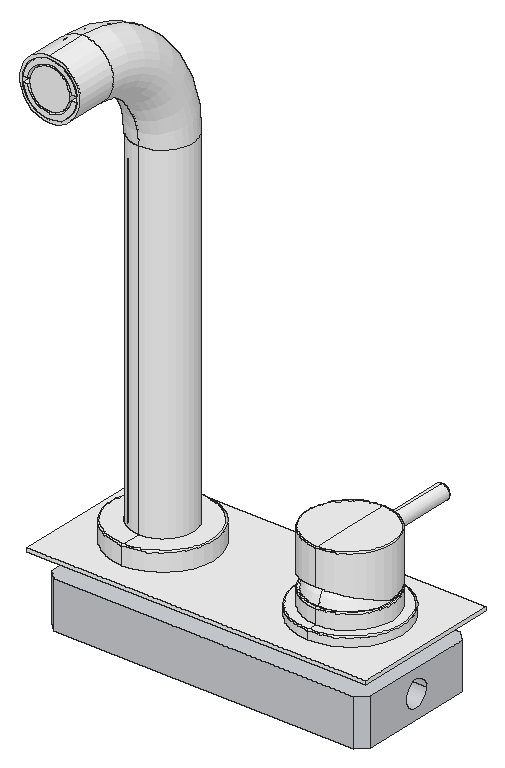
Revit family "Reece_Tap_Sussex_Scala_Curved_Basin Mixer System_32 mm", category Plumbing Fixtures, host Face, Revit 2018
Family settings
  Host = Face
  Round Connector Dimension = Use Diameter
  Part Type = Normal
  Cut with Voids When Loaded = No
  Shared = Yes
  Room Calculation Point = Yes
Parameters (values of type "250 mm_6 Star_Right Hand_Chrome")
  WFU = 0  # constant formula
  URL = "https://www.reece.com.au/product/-2263073"
  Type Comments = "Tap"
  Reece_Tap_Reach = 250 mm
  Reece_Tap_Outlet_Reach = Reece_Tap_Reach - 2 mm  # 248 mm
  Reece_Tap_Inlet_Right = 12 mm
  Reece_Tap_Inlet_Left = 0 mm
  Reece_Tap_Handle_Top_Height = 27 mm  # constant formula
  Reece_Tap_Handle_Length = 84 mm  # constant formula
  Reece_Tap_Handle_Height = 41.8 mm  # constant formula
  Reece_Tap_Handle_Bottom_Height = 13 mm  # constant formula
  Reece_Tap_Clearance = 75 mm  # constant formula
  Reece_Right_Void = 24 mm
  Reece_Right Hand = not(Reece_Left Hand)  # yes
  Reece_Product_Web Page = "https://www.reece.com.au/product/-2263073"
  Reece_Product_Type = "Tap"  # constant formula
  Reece_Product_Sub Brand = "Scala"  # constant formula
  Reece_Product_Number = "2263073"
  Reece_Product_Mount = "Wall Mounted"
  Reece_Product_Description = "Sussex Scala 32mm Curved Wall Basin Mixer Tap System Right Hand Mixer Tap 250mm Outlet Chrome (6 Star)"
  Reece_Product_Brand = "Sussex"  # constant formula
  Reece_Plumbing_Right_Void_Length = 25 mm
  Reece_Plumbing_Left_Void_Length = 3 mm
  Reece_Overall_Width = 80 mm  # constant formula
  Reece_Overall_Length = 180 mm  # constant formula
  Reece_Overall_Diameter = 56 mm  # constant formula
  Reece_Material_Main = Reece_Brass_Chrome
  Reece_Left_Void = 12.5 mm
  Reece_Left Hand = no
  Reece_Detail_Shape = "Curved"  # constant formula
  Reece_Detail_Installation = ""
  Reece_Detail_Disclaimer = "THIS FILE IS THE PROPERTY OF THE REECE GROUP. IT MAY NOT BE REPRODUCED, REVERSE-ENGINEERED OR MODIFIED. ANY REPUBLICATION, TRANSMISSION OR DISTRIBUTION FOR THE PURPOSE OF COMMERCIALLY EXPLOITING THE FILES IS PROHIBITED."  # constant formula
  Reece_Detail_Connector = "Right Hand"
  Reece_Detail_Additional = "Basin Mixer System"  # constant formula
  Reece_Backplate_Thickness = 10 mm  # constant formula
  Model = "Scala"
  Manufacturer = "Sussex"
  Keynote = "Product #2263073, Reece_Tap_Sussex_Scala_Curved_Basin Mixer System_32 mm - 250 mm_6 Star_Right Hand_Chrome"
  HWFU = 0  # constant formula
  Disclaimer = "THIS FILE IS THE PROPERTY OF THE REECE GROUP. IT MAY NOT BE REPRODUCED, REVERSE-ENGINEERED OR MODIFIED. ANY REPUBLICATION, TRANSMISSION OR DISTRIBUTION FOR THE PURPOSE OF COMMERCIALLY EXPLOITING THE FILES IS PROHIBITED."  # constant formula
  Description = "Scala 32mm Curved Wall Basin Mixer Tap System Right Hand Mixer Tap 250mm Outlet Chrome (6 Star)"
  Default Elevation = 1000 mm
  CWFU = 0  # constant formula
Types (8, lengths in mm): name | URL | Reece_Tap_Reach | Reece_Tap_Outlet_Reach | Reece_Tap_Inlet_Right | Reece_Tap_Inlet_Left | Reece_Right_Void | Reece_Right Hand | Reece_Product_Web Page | Reece_Product_Number | Reece_Product_Description | Reece_Plumbing_Right_Void_Length | Reece_Plumbing_Left_Void_Length | Reece_Material_Main | Reece_Left_Void | Reece_Left Hand | Reece_Detail_Connector | Keynote | Description
  200 mm_6 Star_Left Hand_Chrome | "https://www.reece.com.au/product/-2263069" | 200 | 198 | 0 | 12 | 12.5 | no | "https://www.reece.com.au/product/-2263069" | "2263069" | "Sussex Scala 32mm Curved Wall Basin Mixer Tap System Left Hand Mixer Tap 200mm Outlet Chrome (6 Star)" | 3 | 25 | Reece_Brass_Chrome | 24 | yes | "Left Hand" | "Product #2263069, Reece_Tap_Sussex_Scala_Curved_Basin Mixer System_32 mm - 200 mm_6 Star_Left Hand_Chrome" | "Scala 32mm Curved Wall Basin Mixer Tap System Left Hand Mixer Tap 200mm Outlet Chrome (6 Star)"
  200 mm_6 Star_Left Hand_PVD Brushed Platinum Gold | "https://www.reece.com.au/product/-2268256" | 200 | 198 | 0 | 12 | 12.5 | no | "https://www.reece.com.au/product/-2268256" | "2268256" | "Sussex Scala 32mm Curved Wall Basin Mixer Tap System Left Hand Mixer Tap 200mm Outlet LUX PVD Brushed Platinum Gold (6 Star)" | 3 | 25 | Reece_PVD_Brushed_Platinum Gold | 24 | yes | "Left Hand" | "Product #2268256, Reece_Tap_Sussex_Scala_Curved_Basin Mixer System_32 mm - 200 mm_6 Star_Left Hand_PVD Brushed Platinum Gold" | "Scala 32mm Curved Wall Basin Mixer Tap System Left Hand Mixer Tap 200mm Outlet LUX PVD Brushed Platinum Gold (6 Star)"
  250 mm_6 Star_Left Hand_Chrome | "https://www.reece.com.au/product/-2263070" | 250 | 248 | 0 | 12 | 12.5 | no | "https://www.reece.com.au/product/-2263070" | "2263070" | "Sussex Scala 32mm Curved Wall Basin Mixer Tap System Left Hand Mixer Tap 250mm Outlet Chrome (6 Star)" | 3 | 25 | Reece_Brass_Chrome | 24 | yes | "Left Hand" | "Product #2263070, Reece_Tap_Sussex_Scala_Curved_Basin Mixer System_32 mm - 250 mm_6 Star_Left Hand_Chrome" | "Scala 32mm Curved Wall Basin Mixer Tap System Left Hand Mixer Tap 250mm Outlet Chrome (6 Star)"
  250 mm_6 Star_Left Hand_PVD Brushed Platinum Gold | "https://www.reece.com.au/product/-2268257" | 250 | 248 | 0 | 12 | 12.5 | no | "https://www.reece.com.au/product/-2268257" | "2268257" | "Sussex Scala 32mm Curved Wall Basin Mixer Tap System Left Hand Mixer Tap 250mm Outlet LUX PVD Brushed Platinum Gold (6 Star)" | 25 | 3 | Reece_PVD_Brushed_Platinum Gold | 24 | yes | "Left Hand" | "Product #2268257, Reece_Tap_Sussex_Scala_Curved_Basin Mixer System_32 mm - 250 mm_6 Star_Left Hand_PVD Brushed Platinum Gold" | "Scala 32mm Curved Wall Basin Mixer Tap System Left Hand Mixer Tap 250mm Outlet LUX PVD Brushed Platinum Gold (6 Star)"
  200 mm_6 Star_Right Hand_Chrome | "https://www.reece.com.au/product/-2263072" | 200 | 198 | 12 | 0 | 24 | yes | "https://www.reece.com.au/product/-2263072" | "2263072" | "Sussex Scala 32mm Curved Wall Basin Mixer Tap System Right Hand Mixer Tap 200mm Outlet Chrome (6 Star)" | 25 | 3 | Reece_Brass_Chrome | 12.5 | no | "Right Hand" | "Product #2263072, Reece_Tap_Sussex_Scala_Curved_Basin Mixer System_32 mm - 200 mm_6 Star_Right Hand_Chrome" | "Scala 32mm Curved Wall Basin Mixer Tap System Right Hand Mixer Tap 200mm Outlet Chrome (6 Star)"
  200 mm_6 Star_Right Hand_PVD Brushed Platinum Gold | "https://www.reece.com.au/product/-2268254" | 200 | 198 | 12 | 0 | 24 | yes | "https://www.reece.com.au/product/-2268254" | "2268254" | "Sussex Scala 32mm Curved Wall Basin Mixer Tap System Right Hand Mixer Tap 200mm Outlet LUX PVD Brushed Platinum Gold (6 Star)" | 25 | 3 | Reece_PVD_Brushed_Platinum Gold | 12.5 | no | "Right Hand" | "Product #2268254, Reece_Tap_Sussex_Scala_Curved_Basin Mixer System_32 mm - 200 mm_6 Star_Right Hand_PVD Brushed Platinum Gold" | "Scala 32mm Curved Wall Basin Mixer Tap System Right Hand Mixer Tap 200mm Outlet LUX PVD Brushed Platinum Gold (6 Star)"
  250 mm_6 Star_Right Hand_Chrome | "https://www.reece.com.au/product/-2263073" | 250 | 248 | 12 | 0 | 24 | yes | "https://www.reece.com.au/product/-2263073" | "2263073" | "Sussex Scala 32mm Curved Wall Basin Mixer Tap System Right Hand Mixer Tap 250mm Outlet Chrome (6 Star)" | 25 | 3 | Reece_Brass_Chrome | 12.5 | no | "Right Hand" | "Product #2263073, Reece_Tap_Sussex_Scala_Curved_Basin Mixer System_32 mm - 250 mm_6 Star_Right Hand_Chrome" | "Scala 32mm Curved Wall Basin Mixer Tap System Right Hand Mixer Tap 250mm Outlet Chrome (6 Star)"
  250 mm_6 Star_Right Hand_PVD Brushed Platinum Gold | "https://www.reece.com.au/product/-2268255" | 250 | 248 | 12 | 0 | 24 | yes | "https://www.reece.com.au/product/-2268255" | "2268255" | "Sussex Scala 32mm Curved Wall Basin Mixer Tap System Right Hand Mixer Tap 250mm Outlet LUX PVD Brushed Platinum Gold (6 Star)" | 25 | 3 | Reece_PVD_Brushed_Platinum Gold | 12.5 | no | "Right Hand" | "Product #2268255, Reece_Tap_Sussex_Scala_Curved_Basin Mixer System_32 mm - 250 mm_6 Star_Right Hand_PVD Brushed Platinum Gold" | "Scala 32mm Curved Wall Basin Mixer Tap System Right Hand Mixer Tap 250mm Outlet LUX PVD Brushed Platinum Gold (6 Star)"
Reference planes
  plane 1 "Center (Front/Back)": y = 0
  plane 2 "Bottom": z = 0
  plane 3 "Center (Left/Right)": x = 0
  plane 4 "Top": z = 250
  plane 5: y = 40
  plane 6: y = -40
  plane 7: x = -90
  plane 8: x = 90
  plane 9: x = -49.8
  plane 10: x = 49.8
  plane 11: y = -75
  plane 12: z = 2
  plane 13: z = -23.75
  plane 14: x = -87
  plane 15: y = 15
  plane 16: x = 65
  plane 17: x = 33.8
  plane 18: x = 65.8
  plane 19: y = -22.5
  plane 20: y = 61.5
Forms (mm)
  Extrusion 1, solid, material "Reece_Brass_Chrome" <- "Reece_Material_Main"
    sketch origin (0, 0, 0) x (1, 0, 0) y (0, 1, 0)
      loop
        line (-90, 40) -> (-90, -40) -> (90, -40) -> (90, 40) -> (-90, 40)
    from 0 to 2
  Revolve 2, void
    sketch origin (0, 0, 0) x (1, 0, 0) y (0, 0, 1)
      loop
        line (-49.8, 2) -> (-49.8, -39.258) -> (-37.3, -39.258) -> (-37.3, 2) -> (-49.8, 2)
      axis (-49.8, 2) -> (-49.8, -39.258)
    angle from 0 to 360
  Revolve 3, void
    sketch origin (99.6, 0, 0) x (1, 0, 0) y (0, 0, 1)
      loop
        line (-49.8, 2) -> (-49.8, -41.506) -> (-25.8, -41.506) -> (-25.8, 2) -> (-49.8, 2)
      axis (-49.8, 2) -> (-49.8, -41.506)
    angle from 0 to 360
  Revolve 4, solid, visible <- "Reece_Left Hand"
    sketch origin (-79.101, 0, 1219.2) x (-1, 0, 0) y (0, 0, -1)
      loop
        line (-140.374, 1230.612) -> (-140.374, 1229.603) -> (-139.209, 1229.603) -> (-139.978, 1229.064) -> (-139.209, 1228.526) -> (-139.978, 1227.987) -> (-139.209, 1227.449) -> (-139.978, 1226.91) -> (-139.209, 1226.371) -> (-139.978, 1225.833) -> (-139.209, 1225.294) -> (-139.978, 1224.756) -> (-139.209, 1224.217) -> (-139.978, 1223.678) -> (-139.209, 1223.14) -> (-139.978, 1222.601) -> (-139.209, 1222.063) -> (-139.978, 1221.524) -> (-139.209, 1220.985) -> (-139.978, 1220.447) -> (-139.209, 1219.908) -> (-139.978, 1219.37) -> (-139.209, 1218.831) -> (-139.978, 1218.292) -> (-139.209, 1217.754) -> (-140, 1217.2) -> (-128.901, 1217.2) -> (-128.901, 1230.612) -> (-140.374, 1230.612)
      axis (-128.901, 1217.2) -> (-128.901, 1230.612)
    angle from 0 to 360
  Extrusion 5, solid
    sketch origin (0, 0, 0) x (1, 0, 0) y (0, 1, 0)
      loop
        line (-85, 30) -> (-85, -30) -> (-80, -35) -> (80, -35) -> (85, -30) -> (85, 30) -> (80, 35) -> (-80, 35) -> (-85, 30)
    from -36.057 to -11.412
  Extrusion 6, void
    sketch origin (0, 0, 0) x (1, 0, 0) y (0, 1, 0)
      loop
        line (-90, 40) -> (-90, -40) -> (90, -40) -> (90, 40) -> (-90, 40)
    from -46.112 to 0
  Revolve 7, solid, visible <- "Reece_Left Hand"
    sketch origin (0, 0, 0) x (1, 0, 0) y (0, 0, 1)
      loop
        line (-49.8, 2) -> (-49.8, -11.412) -> (-27.752, -11.412) -> (-27.752, 2) -> (-49.8, 2)
      axis (-49.8, 2) -> (-49.8, -11.412)
    angle from 0 to 360
  Revolve 8, solid, visible <- "Reece_Right Hand"
    sketch origin (99.6, 0, 0) x (1, 0, 0) y (0, 0, 1)
      loop
        line (-49.8, 2) -> (-49.8, -11.412) -> (-27.752, -11.412) -> (-27.752, 2) -> (-49.8, 2)
      axis (-49.8, 2) -> (-49.8, -11.412)
    angle from 0 to 360
  Revolve 9, solid, visible <- "Reece_Right Hand"
    sketch origin (79.101, 0, 1219.2) x (1, 0, 0) y (0, 0, 1)
      loop
        line (-140.374, -1230.612) -> (-128.901, -1230.612) -> (-128.901, -1217.2) -> (-140, -1217.2) -> (-139.209, -1217.754) -> (-139.978, -1218.292) -> (-139.209, -1218.831) -> (-139.978, -1219.37) -> (-139.209, -1219.908) -> (-139.978, -1220.447) -> (-139.209, -1220.985) -> (-139.978, -1221.524) -> (-139.209, -1222.063) -> (-139.978, -1222.601) -> (-139.209, -1223.14) -> (-139.978, -1223.678) -> (-139.209, -1224.217) -> (-139.978, -1224.756) -> (-139.209, -1225.294) -> (-139.978, -1225.833) -> (-139.209, -1226.371) -> (-139.978, -1226.91) -> (-139.209, -1227.449) -> (-139.978, -1227.987) -> (-139.209, -1228.526) -> (-139.978, -1229.064) -> (-139.209, -1229.603) -> (-140.374, -1229.603) -> (-140.374, -1230.612)
      axis (-128.901, -1217.2) -> (-128.901, -1230.612)
    angle from 0 to 360
  Revolve 10, void
    sketch origin (0, 0, -23.75) x (1, 0, 0) y (0, 1, 0)
      loop
        line (34.8, 15) -> (41.8, 15) -> (41.8, 40) -> (34.8, 40) -> (34.8, 15)
      axis (34.8, 40) -> (34.8, 15)
    angle from 0 to 360
  Revolve 11, void
    sketch origin (0, 0, -23.5) x (1, 0, 0) y (0, 1, 0)
      loop
        line (65, 0) -> (90, 0) -> (90, 7) -> (65, 7) -> (65, 0)
      axis (65, 0) -> (90, 0)
    angle from 0 to 360
  Revolve 12, void
    sketch origin (0, 0, -23.75) x (-1, 0, 0) y (0, -1, 0)
      loop
        line (34.8, -15) -> (34.8, -40) -> (41.8, -40) -> (41.8, -15) -> (34.8, -15)
      axis (34.8, -40) -> (34.8, -15)
    angle from 0 to 360
  Revolve 13, void
    sketch origin (0, 0, -23.5) x (-1, 0, 0) y (0, -1, 0)
      loop
        line (87, 0) -> (87, -7) -> (90, -7) -> (90, 0) -> (87, 0)
      axis (87, 0) -> (90, 0)
    angle from 0 to 360
Cuts and joins
  Revolve 2, Revolve 3, Revolve 10 cuts Extrusion 1
  Revolve 10 cuts Revolve 8
  Revolve 10, Revolve 11, Revolve 12, Revolve 13 cuts Extrusion 5
Text (mm)
  text "Reece Copyright © 2018, Reece Ltd." at (-184.095, -168.531, 0), in view "Ref. Level"
  text "Reece ©" at (44.384, 258.95, 192.345), in view "Reece Preview"
Dimensions and locks
  "Reece_Tap_Reach": plane 4 "Top" to plane 2 "Bottom"
  "Reece_Overall_Width": plane 6 to plane 5
  "Reece_Overall_Length": plane 7 to plane 8
  plane 9 to plane 10 = 99.6 mm
  "Reece_Tap_Clearance": plane 11 to plane 1 "Center (Front/Back)"
  plane 4 "Top" to plane 2 "Bottom" = 250 mm
  plane 10 to plane 9 = 99.6 mm
  plane 2 "Bottom" to plane 4 "Top" = 250 mm
  "Reece_Tap_Clearance": plane 1 "Center (Front/Back)" to plane 11
  "Reece_Left_Void": Revolve 2 sketch curve to Revolve 2 sketch curve
  "Reece_Right_Void": Revolve 3 sketch curve to Revolve 3 sketch curve
  "Reece_Plumbing_Left_Void_Length": plane 7 to plane 14
  "Reece_Plumbing_Right_Void_Length": plane 5 to plane 15
  "Reece_Plumbing_Right_Void_Length": plane 16 to plane 8
  plane 17 to plane 18 = 32 mm
  "Reece_Tap_Handle_Length": plane 20 to plane 19
  aligned and locked: plane 2 "Bottom" to host face
  aligned and locked: level to host face
  aligned and locked: plane 9 to nested 3
  aligned and locked: plane 10 to nested 4
  aligned and locked: plane 1 "Center (Front/Back)" to nested 4
  aligned and locked: plane 5 to Revolve 10 sketch curve
  aligned and locked: plane 7 to Revolve 13
  aligned and locked: plane 15 to cut or joined group of Extrusion 5, Revolve 10, Revolve 11, Revolve 12, Revolve 13
  aligned and locked: plane 16 to cut or joined group of Extrusion 5, Revolve 10, Revolve 11, Revolve 12, Revolve 13
  aligned and locked: plane 14 to Revolve 13
Automatic sketch dimensions
  host sketch curve to host sketch curve = 380.785 mm
  host sketch curve to host sketch curve = 317.421 mm
  plane 6 to Extrusion 1 sketch curve = 0 mm
  Extrusion 1 sketch curve to plane 7 = 0 mm
  Extrusion 1 sketch curve to plane 8 = 0 mm
  plane 5 to Extrusion 1 sketch curve = 0 mm
  Revolve 4 sketch curve to plane 12 = 0 mm
  Revolve 4 sketch curve to plane 10 = 0 mm  (x2)
  level to Revolve 4 sketch curve = 0.369 mm
  plane 10 to Revolve 4 sketch curve = 10.308 mm
  Revolve 4 sketch curve to plane 12 = 0.554 mm
  Revolve 4 sketch curve to Revolve 4 sketch curve = 0 mm  (x11)
  Revolve 4 sketch curve to level = 0.708 mm
  Revolve 4 sketch curve to level = 1.785 mm
  Revolve 4 sketch curve to level = 2.863 mm
  Revolve 4 sketch curve to level = 3.94 mm
  Revolve 4 sketch curve to level = 5.017 mm
  Revolve 4 sketch curve to Revolve 4 sketch curve = 0.769 mm  (x11)
  Revolve 4 sketch curve to level = 4.478 mm
  Revolve 4 sketch curve to level = 3.401 mm
  Revolve 4 sketch curve to level = 2.324 mm
  Revolve 4 sketch curve to level = 1.247 mm
  Revolve 4 sketch curve to level = 0.17 mm
  level to Revolve 4 sketch curve = 0.908 mm
  Revolve 4 sketch curve to Revolve 4 sketch curve = 0.791 mm
  Revolve 4 sketch curve to Revolve 4 sketch curve = 0.397 mm
  Revolve 4 sketch curve to Revolve 4 sketch curve = 0.539 mm  (x10)
  Revolve 4 sketch curve to Revolve 4 sketch curve = 1.009 mm
  Revolve 4 sketch curve to Revolve 4 sketch curve = 6.93 mm
  Revolve 4 sketch curve to plane 13 = 13.767 mm
  Extrusion 5 sketch curve to plane 7 = 5 mm
  plane 5 to Extrusion 5 sketch curve = 5 mm
  Extrusion 5 sketch curve to Extrusion 5 sketch curve = 5 mm  (x6)
  Extrusion 5 sketch curve to plane 6 = 5 mm
  plane 8 to Extrusion 5 sketch curve = 10 mm  (x2)
  plane 8 to Extrusion 5 sketch curve = 5 mm
  plane 6 to Extrusion 6 sketch curve = 0 mm
  Extrusion 6 sketch curve to plane 7 = 0 mm
  Extrusion 6 sketch curve to plane 8 = 0 mm
  plane 5 to Extrusion 6 sketch curve = 0 mm
  Revolve 7 sketch curve to plane 9 = 0 mm  (x2)
  Revolve 7 sketch curve to plane 12 = 0 mm
  plane 9 to Revolve 7 sketch curve = 22.048 mm
  Revolve 7 sketch curve to level = 11.412 mm
  Revolve 7 sketch curve to level = 3 mm
  plane 13 to Revolve 7 sketch curve = 5.75 mm
  Revolve 8 sketch curve to plane 10 = 0 mm  (x2)
  Revolve 8 sketch curve to plane 12 = 0 mm
  plane 8 to Revolve 8 sketch curve = 18.152 mm
  Revolve 8 sketch curve to level = 11.412 mm
  Revolve 8 sketch curve to level = 3 mm
  plane 13 to Revolve 8 sketch curve = 5.75 mm
  Revolve 9 sketch curve to plane 12 = 0 mm
  Revolve 9 sketch curve to plane 9 = 0 mm  (x2)
  level to Revolve 9 sketch curve = 0.369 mm
  Revolve 9 sketch curve to plane 9 = 10.308 mm
  Revolve 9 sketch curve to plane 12 = 0.554 mm
  Revolve 9 sketch curve to Revolve 9 sketch curve = 0 mm  (x11)
  Revolve 9 sketch curve to level = 0.708 mm
  Revolve 9 sketch curve to level = 1.785 mm
  Revolve 9 sketch curve to level = 2.863 mm
  Revolve 9 sketch curve to level = 3.94 mm
  Revolve 9 sketch curve to level = 5.017 mm
  Revolve 9 sketch curve to Revolve 9 sketch curve = 0.769 mm  (x11)
  Revolve 9 sketch curve to level = 4.478 mm
  Revolve 9 sketch curve to level = 3.401 mm
  Revolve 9 sketch curve to level = 2.324 mm
  Revolve 9 sketch curve to level = 1.247 mm
  Revolve 9 sketch curve to level = 0.17 mm
  level to Revolve 9 sketch curve = 0.908 mm
  Revolve 9 sketch curve to Revolve 9 sketch curve = 0.791 mm
  Revolve 9 sketch curve to Revolve 9 sketch curve = 0.397 mm
  Revolve 9 sketch curve to Revolve 9 sketch curve = 0.539 mm  (x10)
  Revolve 9 sketch curve to Revolve 9 sketch curve = 1.009 mm
  Revolve 9 sketch curve to plane 13 = 13.767 mm
  Revolve 9 sketch curve to Revolve 9 sketch curve = 6.93 mm
  Revolve 10 sketch curve to plane 10 = 15 mm
  Revolve 10 sketch curve to Revolve 10 sketch curve = 7 mm
  Revolve 10 sketch curve to plane 1 "Center (Front/Back)" = 15 mm
  Revolve 10 sketch curve to Revolve 10 sketch curve = 0 mm
  Revolve 10 sketch curve to Revolve 10 sketch curve = 9.784 mm
  Revolve 10 sketch curve to Revolve 10 sketch curve = 8 mm
  plane 1 "Center (Front/Back)" to Revolve 11 sketch curve = 0 mm  (x2)
  Revolve 11 sketch curve to plane 8 = 0 mm
  plane 10 to Revolve 11 sketch curve = 15.2 mm
  Revolve 11 sketch curve to Revolve 11 sketch curve = 7 mm
  plane 8 to Revolve 11 sketch curve = 10 mm
  Revolve 11 sketch curve to Revolve 11 sketch curve = 10 mm
  plane 5 to Revolve 12 sketch curve = 0 mm
  plane 9 to Revolve 12 sketch curve = 15 mm
  Revolve 12 sketch curve to Revolve 12 sketch curve = 7 mm
  Revolve 12 sketch curve to plane 1 "Center (Front/Back)" = 15 mm
  Revolve 12 sketch curve to Revolve 12 sketch curve = 0 mm
  Revolve 12 sketch curve to plane 5 = 8 mm
  Revolve 12 sketch curve to Revolve 12 sketch curve = 13.357 mm
  plane 1 "Center (Front/Back)" to Revolve 13 sketch curve = 0 mm  (x2)
  Revolve 13 sketch curve to plane 7 = 0 mm
  Revolve 13 sketch curve to plane 9 = 37.2 mm
  Revolve 13 sketch curve to Revolve 13 sketch curve = 7 mm
  Revolve 13 sketch curve to Revolve 13 sketch curve = 10 mm
  plane 7 to Revolve 13 sketch curve = 10 mm
  Revolve 2 sketch curve to plane 9 = 0 mm  (x2)
  Revolve 2 sketch curve to plane 12 = 0 mm
  Revolve 2 sketch curve to plane 13 = 15.508 mm
  plane 13 to Revolve 2 sketch curve = 3.265 mm
  Revolve 2 sketch curve to Revolve 2 sketch curve = 1.228 mm
  Revolve 3 sketch curve to plane 10 = 0 mm  (x2)
  Revolve 3 sketch curve to plane 12 = 0 mm
  Revolve 3 sketch curve to plane 13 = 17.756 mm
  plane 13 to Revolve 3 sketch curve = 3.265 mm
  Revolve 3 sketch curve to Revolve 3 sketch curve = 1.02 mm
Nested families
  nested 1: "Reece_Tap_Sussex_Scala_Curved_32 mm_Nested" at (49.8, 0, 2), visible <- "Reece_Left Hand", Reece_Tap_Clearance <- "Reece_Tap_Clearance", Reece_Tap_Reach <- "Reece_Tap_Outlet_Reach", Reece_Backplate_Thickness <- "Reece_Backplate_Thickness", Reece_Material_Main <- "Reece_Material_Main", type "Reece_Tap_Sussex_Scala_Curved_32 mm_Nested"
    with Reece_Tap_Reach 248 mm, Reece_Tap_Clearance 75 mm, Reece_Overall_Length 264 mm, Reece_Material_Main Reece_Brass_Chrome, Reece_Backplate_Thickness 10 mm, Default Elevation 1000 mm
  nested 2: "Reece_Tap_Sussex_Scala_Curved_32 mm_Nested" at (-49.8, 0, 2), visible <- "Reece_Right Hand", Reece_Tap_Clearance <- "Reece_Tap_Clearance", Reece_Tap_Reach <- "Reece_Tap_Outlet_Reach", Reece_Backplate_Thickness <- "Reece_Backplate_Thickness", Reece_Material_Main <- "Reece_Material_Main", type "Reece_Tap_Sussex_Scala_Curved_32 mm_Nested"
    with Reece_Tap_Reach 248 mm, Reece_Tap_Clearance 75 mm, Reece_Overall_Length 264 mm, Reece_Material_Main Reece_Brass_Chrome, Reece_Backplate_Thickness 10 mm, Default Elevation 1000 mm
  nested 3: "Reece_Tap_Sussex_Scala_Mixer_Nested" at (-49.8, 0, 2), visible <- "Reece_Left Hand", Reece_Material_Main <- "Reece_Material_Main", Reece_Overall_Diameter <- "Reece_Overall_Diameter", Reece_Tap_Handle_Height <- "Reece_Tap_Handle_Height", Reece_Tap_Handle_Top_Height <- "Reece_Tap_Handle_Top_Height", Reece_Tap_Handle_Bottom_Height <- "Reece_Tap_Handle_Bottom_Height", Reece_Tap_Projection <- "Reece_Tap_Handle_Length", type "Reece_Tap_Sussex_Scala_Mixer_Nested"
    with Reece_Tap_Projection 84 mm, Reece_Tap_Handle_Top_Height 27 mm, Reece_Tap_Handle_Height 41.8 mm, Reece_Tap_Handle_Bottom_Height 13 mm, Reece_Overall_Diameter 56 mm, Reece_Material_Main Reece_Brass_Chrome
  nested 4: "Reece_Tap_Sussex_Scala_Mixer_Nested" at (49.8, 0, 2), visible <- "Reece_Right Hand", Reece_Material_Main <- "Reece_Material_Main", Reece_Overall_Diameter <- "Reece_Overall_Diameter", Reece_Tap_Handle_Height <- "Reece_Tap_Handle_Height", Reece_Tap_Handle_Top_Height <- "Reece_Tap_Handle_Top_Height", Reece_Tap_Handle_Bottom_Height <- "Reece_Tap_Handle_Bottom_Height", Reece_Tap_Projection <- "Reece_Tap_Handle_Length", type "Reece_Tap_Sussex_Scala_Mixer_Nested"
    with Reece_Tap_Projection 84 mm, Reece_Tap_Handle_Top_Height 27 mm, Reece_Tap_Handle_Height 41.8 mm, Reece_Tap_Handle_Bottom_Height 13 mm, Reece_Overall_Diameter 56 mm, Reece_Material_Main Reece_Brass_Chrome
Connectors
  piping at (85, 0, -23.734), diameter 12, driven by "Reece_Tap_Inlet_Right"
    settings: on cut or joined group of Extrusion 5, Revolve 10, Revolve 11, Revolve 12, Revolve 13, index 1, connector inside diameter 609.6 mm, connector length 0 mm, flow factor 0, pipe flow 0.0 L/s, pressure drop 0.0 Pa, fitting loss kfactor 0, connector angle 0.00°, fixture units 0, engagement length 0 mm, angle of deflection 0.00°, flow configuration 0, flow direction 1, fitting loss method 0, system type 29, joint type 0, gender type 0, connector reference index -1, connector utility 0, adjustable connector no, is connector primary yes, connector description ""
  piping at (34.8, 35, -23.75), diameter 12, driven by "Reece_Tap_Inlet_Right"
    settings: on cut or joined group of Extrusion 5, Revolve 10, Revolve 11, Revolve 12, Revolve 13, index 2, connector inside diameter 609.6 mm, connector length 0 mm, flow factor 0, pipe flow 0.0 L/s, pressure drop 0.0 Pa, fitting loss kfactor 0, connector angle 0.00°, fixture units 0, engagement length 0 mm, angle of deflection 0.00°, flow configuration 0, flow direction 1, fitting loss method 0, system type 29, joint type 0, gender type 0, connector reference index -1, connector utility 0, adjustable connector no, is connector primary no, connector description ""
  piping at (-34.8, 35, -23.75), driven by "Reece_Tap_Inlet_Left"
    settings: on cut or joined group of Extrusion 5, Revolve 10, Revolve 11, Revolve 12, Revolve 13, index 3, connector diameter 0 mm, connector inside diameter 609.6 mm, connector length 0 mm, flow factor 0, pipe flow 0.0 L/s, pressure drop 0.0 Pa, fitting loss kfactor 0, connector angle 0.00°, fixture units 0, engagement length 0 mm, angle of deflection 0.00°, flow configuration 0, flow direction 1, fitting loss method 0, system type 29, joint type 0, gender type 0, connector reference index -1, connector utility 0, adjustable connector no, is connector primary no, connector description ""
  piping at (-85, 0, -23.5), driven by "Reece_Tap_Inlet_Left"
    settings: on cut or joined group of Extrusion 5, Revolve 10, Revolve 11, Revolve 12, Revolve 13, index 4, connector diameter 0 mm, connector inside diameter 609.6 mm, connector length 0 mm, flow factor 0, pipe flow 0.0 L/s, pressure drop 0.0 Pa, fitting loss kfactor 0, connector angle 0.00°, fixture units 0, engagement length 0 mm, angle of deflection 0.00°, flow configuration 0, flow direction 1, fitting loss method 0, system type 29, joint type 0, gender type 0, connector reference index -1, connector utility 0, adjustable connector no, is connector primary no, connector description ""
Definition of nested family "Reece_Tap_Sussex_Scala_Curved_32 mm_Nested"
  Parameters (values of type "Reece_Tap_Sussex_Scala_Curved_32 mm_Nested")
    Waste Connection = no
    WFU = 0
    Vent Connection = no
    URL = ""
    Type Comments = ""
    Reece_Tap_Reach [instance] = 200 mm
    Reece_Tap_Clearance [instance] = 67 mm
    Reece_Overall_Length [instance] = Reece_Tap_Reach + 16 mm  # 216 mm
    Reece_Material_Main [instance] = none
    Reece_Backplate_Thickness [instance] = 5 mm
    Model = ""
    Manufacturer = ""
    Keynote = ""
    HWFU = 0
    HW Connection = no
    Description = ""
    Default Elevation = 0 mm
    Cost = 0
    CWFU = 0
    CW Connection = no
    Assembly Code = ""
  Types (2, lengths in mm): name | Reece_Tap_Reach | Reece_Overall_Length | Default Elevation
    Reece_Tap_Sussex_Scala_Curved_32 mm_Nested | 200 | 216 | 0
    Reece_Tap_Sussex_Scala_Curved_25 mm_Nested | 250 | 266 | 1000
  Reference planes
    plane 1 "Center (Front/Back)": y = 0
    plane 2 "Bottom": z = 0
    plane 3 "Center (Left/Right)": x = 0
    plane 4: z = 200
    plane 5: y = -67
    plane 6: z = 216
    plane 7: x = 100
    plane 8: x = -100
    plane 9: z = 43
    plane 10: x = -73
    plane 11: x = -127
    plane 12: x = -27
    plane 13: x = 27
    plane 14: x = -12.5
    plane 15: x = 12.5
    plane 16: y = 0
    plane 17: z = 5
  Forms (mm)
    Extrusion 1, solid
      sketch origin (609.2, -664.2, 0) x (1, 0, 0) y (0, 1, 0)
        loop
          line (-797.73, 779.2) -> (-797.73, 509.547) -> (-428.415, 509.547) -> (-428.415, 779.2) -> (-797.73, 779.2)
      from 0 to -9.564
    Sweep 2, solid, material <- "Reece_Material_Main"
      path origin (0, 0, 0) x (0, 1, 0) y (0, 0, 1)
        loop
          line (0, 8.917) -> (0, 155)
          arc (0, 155) -> (-13.18, 186.82) -> (-45, 200) r 45
          line (-45, 200) -> (-67, 200)
      profile origin (0, 0, 81.959) x (0, -1, 0) y (1, 0, 0)
        loop
          circle (0, 0) r 16
        loop
          circle (0, 0) r 14.5
    Extrusion 3, solid, material <- "Reece_Material_Main"
      sketch origin (0, 0, 0) x (1, 0, 0) y (0, 0, 1)
        loop
          circle (0, 200) r 10.535
        loop
          line (-14.201, 201.337) -> (-11.513, 201.337)
          arc (-11.513, 201.337) -> (0, 211.59) -> (11.513, 201.337) r 11.59
          line (11.513, 201.337) -> (14.201, 201.337)
          arc (14.201, 201.337) -> (0, 214.264) -> (-14.201, 201.337) r 14.264
        loop
          arc (-14.201, 198.663) -> (0, 185.736) -> (14.201, 198.663) r 14.264
          line (14.201, 198.663) -> (11.513, 198.663)
          arc (11.513, 198.663) -> (0, 188.41) -> (-11.513, 198.663) r 11.59
          line (-11.513, 198.663) -> (-14.201, 198.663)
      from 64.455 to 67
    Extrusion 4, solid, material <- "Reece_Material_Main"
      sketch origin (0, 0, 0) x (1, 0, 0) y (0, 0, 1)
        loop
          circle (0, 200) r 14.5
      from 62.863 to 64.455
    Revolve 5, solid, material <- "Reece_Material_Main"
      sketch origin (0, 0, 0) x (0, 1, 0) y (0, 0, 1)
        loop
          line (0, 0) -> (0, 8.917) -> (-16.209, 8.917) -> (-16.209, 10) -> (-26.4, 10)
          arc (-26.4, 10) -> (-26.824, 9.824) -> (-27, 9.4) r 0.6
          line (-27, 9.4) -> (-27, 0) -> (0, 0)
        axis (0, 10) -> (0, 0)
      angle from 0 to 360
  Cuts and joins
    joined: Sweep 2, Extrusion 3, Extrusion 4
  Text (mm)
    text "Reece Copyright © 2018, Reece Ltd." at (-195.976, -180.714, 0), in view "Ref. Level"
    text "Reece ©" at (69.347, 211.464, 119.896), in view "Reece Preview"
  Dimensions and locks
    "Reece_Tap_Reach": plane 4 to plane 2 "Bottom"
    "Reece_Overall_Length": plane 6 to plane 2 "Bottom"
    equal spacing: plane 8, plane 3 "Center (Left/Right)", plane 7
    plane 8 to plane 7 = 200 mm
    plane 9 to plane 2 "Bottom" = 43 mm
    "Reece_Tap_Clearance": plane 1 "Center (Front/Back)" to plane 5
    plane 9 to Extrusion 1 = 43 mm
    plane 11 to plane 10 = 54 mm
    equal spacing: plane 11, plane 8, plane 10
    plane 12 to plane 13 = 54 mm
    plane 6 to plane 4 = 16 mm
    plane 8 to plane 3 "Center (Left/Right)" = 100 mm
    plane 3 "Center (Left/Right)" to plane 7 = 100 mm
    plane 5 to plane 1 "Center (Front/Back)" = 67 mm
    plane 1 "Center (Front/Back)" to plane 16 = 0 mm
    "Reece_Backplate_Thickness": plane 17 to plane 2 "Bottom"
    locked: cut or joined group of Sweep 2, Extrusion 3, Extrusion 4 to cut or joined group of Sweep 2, Extrusion 3, Extrusion 4 at 4.137
    aligned and locked: plane 2 "Bottom" to Extrusion 1
    aligned and locked: level to Extrusion 1
    aligned and locked: plane 1 "Center (Front/Back)" to Sweep 2 sketch curve
    aligned and locked: Sweep 2 sketch curve to plane 4
    aligned and locked: plane 5 to cut or joined group of Sweep 2, Extrusion 3, Extrusion 4  (x2)
  Automatic sketch dimensions
    Extrusion 1 sketch curve to Extrusion 1 sketch curve = 369.315 mm
    Extrusion 1 sketch curve to Extrusion 1 sketch curve = 269.653 mm
    Sweep 2 sketch curve to plane 5 = 0 mm
    Sweep 2 sketch curve to Sweep 2 sketch curve = 22 mm
    level to Sweep 2 sketch curve = 8.917 mm
    Sweep 2 sketch curve to Sweep 2 sketch curve = 0 mm  (x2)
    Sweep 2 sketch curve to plane 3 "Center (Left/Right)" = 0 mm
    Sweep 2 sketch curve to profile plane = 0 mm
    Extrusion 4 sketch curve to plane 3 "Center (Left/Right)" = 0 mm
    Extrusion 4 sketch curve to plane 4 = 0 mm
    Extrusion 3 sketch curve to Extrusion 3 sketch curve = 0 mm  (x20)
    Extrusion 3 sketch curve to plane 3 "Center (Left/Right)" = 0 mm
    Extrusion 3 sketch curve to plane 4 = 0 mm
    Extrusion 3 sketch curve to plane 14 = 0.987 mm  (x2)
    plane 14 to Extrusion 3 sketch curve = 1.701 mm  (x2)
    Extrusion 3 sketch curve to plane 15 = 0.987 mm  (x2)
    Extrusion 3 sketch curve to plane 4 = 1.337 mm
    plane 4 to Extrusion 3 sketch curve = 1.337 mm
    level to Revolve 5 sketch curve = 0 mm
    Revolve 5 sketch curve to plane 1 "Center (Front/Back)" = 0 mm  (x2)
    plane 1 "Center (Front/Back)" to Revolve 5 sketch curve = 16.209 mm
    Revolve 5 sketch curve to Revolve 5 sketch curve = 10.191 mm
    Revolve 5 sketch curve to Revolve 5 sketch curve = 0.6 mm
    Revolve 5 sketch curve to Revolve 5 sketch curve = 8.917 mm
    Revolve 5 sketch curve to Revolve 5 sketch curve = 9.4 mm
    Revolve 5 sketch curve to level = 12.434 mm
    Revolve 5 sketch curve to Revolve 5 sketch curve = 2.566 mm
    radius of Sweep 2 sketch curve = 16 mm
    radius of Sweep 2 sketch curve = 14.5 mm
    radius of Extrusion 4 sketch curve = 14.5 mm
    radius of Extrusion 3 sketch curve = 10.535 mm
Definition of nested family "Reece_Tap_Sussex_Scala_Mixer_Nested"
  Parameters (values of type "Reece_Tap_Sussex_Scala_Mixer_Nested")
    Waste Connection = no
    WFU = 0
    Vent Connection = no
    URL = ""
    Type Comments = ""
    Reece_Tap_Projection [instance] = 85 mm
    Reece_Tap_Handle_Top_Height [instance] = 30 mm
    Reece_Tap_Handle_Height [instance] = 46.4 mm
    Reece_Tap_Handle_Bottom_Height [instance] = 15 mm
    Reece_Overall_Diameter [instance] = 55 mm
    Reece_Material_Main [instance] = none
    Model = ""
    Manufacturer = ""
    Keynote = ""
    HWFU = 0
    HW Connection = no
    Description = ""
    Default Elevation = 0 mm
    Cost = 0
    CWFU = 0
    CW Connection = no
    Assembly Code = ""
  Reference planes
    plane 1 "Center (Front/Back)": y = 0
    plane 2 "Bottom": z = 0
    plane 3 "Center (Left/Right)": x = 0
    plane 4: y = -27.5
    plane 5: y = 27.5
    plane 6: z = 36
    plane 7: x = -27
    plane 8: x = 27
    plane 9: z = 46.4
    plane 10: z = 16.4
    plane 11: z = 15
    plane 12: z = 4.8
    plane 13: x = -22.5
    plane 14: x = 22.5
    plane 15: y = 22.5
    plane 16: y = -22.5
    plane 17: y = 62.5
  Forms (mm)
    Extrusion 1, solid
      sketch origin (619.2, -619.2, 0) x (1, 0, 0) y (0, 1, 0)
        loop
          line (-809.2, 779.2) -> (-809.2, 461.779) -> (-428.415, 461.779) -> (-428.415, 779.2) -> (-809.2, 779.2)
      from 0 to -9.564
    Revolve 2, solid, material <- "Reece_Material_Main"
      sketch origin (0, 0, 0) x (0, 1, 0) y (0, 0, 1)
        loop
          line (0, 0) -> (0, 15) -> (-22, 15)
          arc (-22, 15) -> (-22.354, 14.854) -> (-22.5, 14.5) r 0.5
          line (-22.5, 14.5) -> (-22.5, 4.8) -> (-27, 4.8)
          arc (-27, 4.8) -> (-27.354, 4.654) -> (-27.5, 4.3) r 0.5
          line (-27.5, 4.3) -> (-27.5, 0) -> (0, 0)
        axis (0, 15) -> (0, 0)
      angle from 0 to 360
    Revolve 3, solid, material <- "Reece_Material_Main"
      sketch origin (0, 0, 0) x (0, 1, 0) y (0, 0, 1)
        loop
          line (0, 15) -> (0, 31.322)
          arc (0, 31.322) -> (-13.307, 26.749) -> (-21.048, 15) r 21.8
          line (-21.048, 15) -> (0, 15)
        axis (0, 31.322) -> (0, 15)
      angle from 0 to 360
    Revolve 4, solid, material <- "Reece_Material_Main"
      sketch origin (0, 0, 0) x (0, 1, 0) y (0, 0, 1)
        loop
          line (0, 46.4) -> (-22, 46.4)
          arc (-22, 46.4) -> (-22.354, 46.254) -> (-22.5, 45.9) r 0.5
          line (-22.5, 45.9) -> (-22.5, 16.9)
          arc (-22.5, 16.9) -> (-22.354, 16.546) -> (-22, 16.4) r 0.5
          line (-22, 16.4) -> (0, 16.4) -> (0, 46.4)
        axis (0, 46.4) -> (0, 16.4)
      angle from 0 to 360
    Extrusion 5, void
      sketch origin (0, 0, 0) x (0, 1, 0) y (0, 0, 1)
        loop
          line (0, 16.4) -> (-25.877, 28.551) -> (-25.877, 16.4) -> (0, 16.4)
      from -27 to 27
    Revolve 6, solid, material <- "Reece_Material_Main"
      sketch origin (0, 0, 30.1) x (0, -1, 0) y (0, 0, -1)
        loop
          line (0, -5.9) -> (-62.5, -5.9) -> (-62.5, -9.4)
          arc (-62.5, -9.4) -> (-62.354, -9.754) -> (-62, -9.9) r 0.5
          line (-62, -9.9) -> (0, -9.9) -> (0, -5.9)
        axis (0, -5.9) -> (-62.5, -5.9)
      angle from 0 to 360
  Cuts and joins
    Extrusion 5 cuts Revolve 4
    joined: Revolve 2, Revolve 3, Revolve 4, Revolve 6
  Text (mm)
    text "Reece Copyright © 2018, Reece Ltd." at (-535.299, -238.73, 0), in view "Ref. Level"
    text "Reece ©" at (44.384, 258.95, 192.345), in view "Reece Preview"
  Dimensions and locks
    "Reece_Overall_Diameter": plane 4 to plane 5
    equal spacing: plane 4, plane 1 "Center (Front/Back)", plane 5
    "Reece_Tap_Handle_Top_Height": plane 9 to plane 10
    "Reece_Tap_Handle_Height": plane 9 to plane 2 "Bottom"
    locked: plane 9 to plane 6 at 10.4
    "Reece_Tap_Handle_Bottom_Height": plane 11 to plane 2 "Bottom"
    plane 12 to Extrusion 1 = 4.8 mm
    plane 13 to plane 14 = 45 mm
    locked: Revolve 2 sketch curve to Revolve 2 sketch curve at 22.5
    locked: cut or joined group of Revolve 2, Revolve 3, Revolve 4, Extrusion 5, Revolve 6 to Revolve 3 sketch curve at 16.322
    locked: Revolve 3 sketch curve to Revolve 3 sketch curve at 21.048
    locked: plane 16 to plane 15 at 45
    "Reece_Tap_Projection": plane 16 to plane 17
    aligned and locked: plane 2 "Bottom" to Extrusion 1
    aligned and locked: level to Extrusion 1
    aligned and locked: cut or joined group of Revolve 2, Revolve 3, Revolve 4, Extrusion 5, Revolve 6 to plane 11
    aligned and locked: Revolve 3 to plane 11  (x2)
    aligned and locked: plane 10 to Revolve 4 sketch curve
    aligned and locked: plane 9 to Revolve 4 sketch curve
    aligned and locked: plane 10 to Extrusion 5 sketch curve
    aligned and locked: Revolve 2 sketch curve to plane 4
    aligned and locked: cut or joined group of Revolve 2, Revolve 3, Revolve 4, Extrusion 5, Revolve 6 to Revolve 4 sketch curve
    aligned and locked: Extrusion 5 to plane 10
    aligned and locked: plane 1 "Center (Front/Back)" to Revolve 4 sketch curve
    aligned and locked: plane 1 "Center (Front/Back)" to Revolve 6 sketch curve
    aligned and locked: Revolve 6 sketch curve to plane 17
  Automatic sketch dimensions
    Extrusion 1 sketch curve to Extrusion 1 sketch curve = 380.785 mm
    Extrusion 1 sketch curve to Extrusion 1 sketch curve = 317.421 mm
    plane 4 to Extrusion 5 sketch curve = 1.623 mm
    Extrusion 5 sketch curve to plane 1 "Center (Front/Back)" = 0 mm
    Extrusion 5 sketch curve to plane 6 = 7.449 mm
    Revolve 4 sketch curve to plane 11 = 0 mm
    Revolve 4 sketch curve to plane 9 = 0.5 mm
    Revolve 4 sketch curve to Revolve 4 sketch curve = 0.5 mm
    Revolve 4 sketch curve to level = 20 mm
    Revolve 3 sketch curve to plane 11 = 0 mm
    Revolve 3 sketch curve to plane 1 "Center (Front/Back)" = 0 mm  (x2)
    Revolve 3 sketch curve to plane 10 = 0 mm
    Revolve 3 sketch curve to plane 1 "Center (Front/Back)" = 0.053 mm
    Revolve 3 sketch curve to Revolve 3 sketch curve = 2.019 mm
    level to Revolve 2 sketch curve = 0 mm
    Revolve 2 sketch curve to plane 12 = 0 mm
    Revolve 2 sketch curve to plane 11 = 0 mm  (x2)
    Revolve 2 sketch curve to plane 1 "Center (Front/Back)" = 0 mm  (x2)
    plane 4 to Revolve 2 sketch curve = 0.5 mm
    Revolve 2 sketch curve to Revolve 2 sketch curve = 0.5 mm
    Revolve 2 sketch curve to level = 20 mm
    Revolve 4 sketch curve to plane 1 "Center (Front/Back)" = 0 mm
    plane 6 to Revolve 6 sketch curve = 0 mm
    Revolve 6 sketch curve to plane 6 = 0 mm
    plane 17 to Revolve 6 sketch curve = 0.5 mm
    plane 6 to Revolve 6 sketch curve = 3.5 mm
    Revolve 6 sketch curve to Revolve 6 sketch curve = 5 mm
    plane 1 "Center (Front/Back)" to Revolve 6 sketch curve = 5 mm
